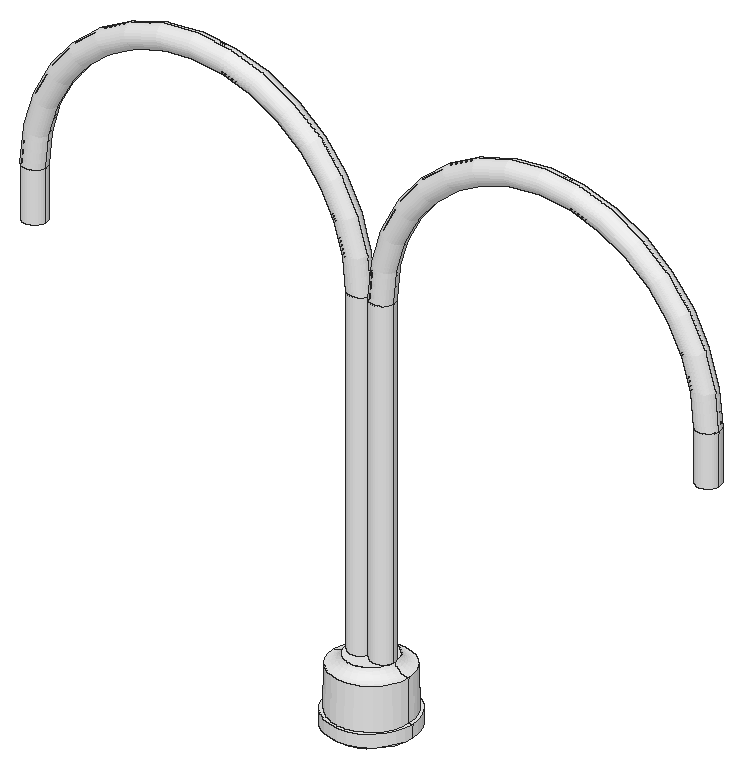
Revit family "PM20", category Generic Models, Revit 2017
Family settings
  Can host rebar = No
  Round Connector Dimension = Use Diameter
  Part Type = Normal
  Work Plane-Based = No
  Always vertical = Yes
  Cut with Voids When Loaded = No
  Shared = No
  Room Calculation Point = No
Parameters
  PM20 = Aluminum
Reference planes (in)
  plane 1 "Center (Front/Back)": y = 0
  plane 2: z = 0
  plane 3 "Center (Left/Right)": x = 0
Forms (in)
  Sweep 1, solid, material "Aluminum" <- "PM20"
    path origin (-18.46259, 0, 0) x (1, 0, 0) y (0, 0, 1)
      loop
        line (3.41259, 17.45974) -> (3.41259, 19.65974)
        arc (3.41259, 19.65974) -> (10.68759, 26.93474) -> (17.96259, 19.65974) r 7.275
        line (17.96259, 19.65974) -> (17.96259, 4.90974)
    profile origin (-0.5, 0, 12.28474) x (0, -1, 0) y (1, 0, 0)
      loop
        circle (0, 0) r 0.5
      loop
        circle (0, 0) r 0.4375
  Sweep 2, solid, material "Aluminum" <- "PM20"
    path origin (18.46259, 0, 0) x (-1, 0, 0) y (0, 0, 1)
      loop
        line (3.41259, 17.45974) -> (3.41259, 19.65974)
        arc (3.41259, 19.65974) -> (10.68759, 26.93474) -> (17.96259, 19.65974) r 7.275
        line (17.96259, 19.65974) -> (17.96259, 4.90974)
    profile origin (0.5, 0, 12.28474) x (0, -1, 0) y (1, 0, 0)
      loop
        circle (0, 0) r 0.5
      loop
        circle (0, 0) r 0.4375
  Revolve 3, solid, material "Aluminum" <- "PM20"
    sketch origin (13.44081, 0, 0) x (1, 0, 0) y (0, 0, 1)
      loop
        line (-14.37532, 5.13669) -> (-13.44081, 5.13669) -> (-13.44081, 5.32419) -> (-14.49081, 5.32419)
        arc (-14.49081, 5.32419) -> (-14.73295, 5.02446) -> (-15.10081, 4.90974) r 0.66376
        line (-15.10081, 4.90974) -> (-15.13081, 3.10974) -> (-15.29081, 3.10974) -> (-15.29081, 2.58474) -> (-15.13081, 2.58474) -> (-15.13081, 2.45974) -> (-14.95412, 2.45974) -> (-14.91605, 4.74368)
        arc (-14.91605, 4.74368) -> (-14.60549, 4.88489) -> (-14.37532, 5.13669) r 0.85126
      axis (-13.44081, 5.32419) -> (-13.44081, 2.45974)
    angle from 0 to 360
Dimensions and locks (in)
  aligned and locked: plane 2 to level
